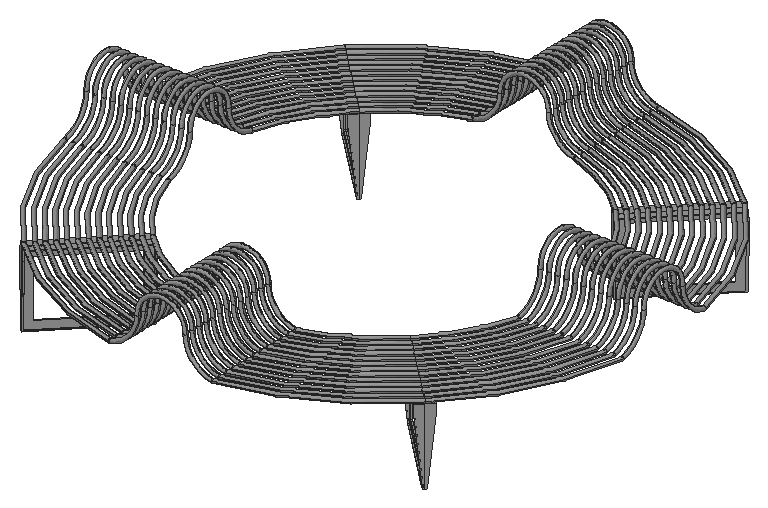
Revit family "Скамейка стальная вокруг дерева «Раструм Цикл» Арт 16759", category Антураж, Revit 2018
Family settings
  На основе рабочей плоскости = Нет
  Всегда вертикально = Да
  При загрузке вырезать с полостями = Нет
  Источник визуального образа = Геометрия семейства
  Общий = Нет
  Точка расчета площади = Нет
Parameters (values of type "Скамейка стальная вокруг дерева «Раструм Цикл»")
  Ширина = Диаметр  # 3310 mm
  Цвет лавки = Сталь
  Описание = "Скамейка стальная вокруг дерева «Раструм Цикл»"  # constant formula
  Материал изделия = "Сталь"  # constant formula
  Изображение типоразмера = Скамейка стальная вокруг дерева «Раструм Цикл» Арт 16759.jpg
  Изготовитель = "ООО «Хоббика»"  # constant formula
  Длина = Диаметр  # 3310 mm
  Диаметр = 3310 mm  # constant formula
  Группа модели = "Скамейки"  # constant formula
  Высота = 792 mm  # constant formula
  Артикул товара = "Арт. 16759"  # constant formula
  URL = "https://hobbyka.ru/product/skameyka_vokrug_dereva_stalnaya_rastrum_cycle/"
Reference planes
  plane 1 "По центру (Вперед/Назад)": y = 0
  plane 2: z = 0
  plane 3 "По центру (Влево/Вправо)": x = 0
  plane 4: y = 3310
  plane 5: x = 3310
  plane 6: z = 792
Forms (mm)
  Sweep 1, solid, material "Сталь"
    path origin (0, 0, 0) x (1, 0, 0) y (0, 1, 0)
      loop
        arc (484.738, 2825.262) -> (189.512, 2424.005) -> (27.064, 1953.073) r 1655
    profile origin (189.512, 2424.005, 0) x (0.885492, -0.464656, 0) y (0, 0, 1)
      loop
        circle (10, 450) r 10
  Sweep 2, solid, material "Сталь" <- "Цвет лавки"
    path origin (0, 0, 0) x (0, 1, 0) y (0, 0, 1)
      loop
        arc (1955, 460) -> (1847.333, 524.076) -> (1805, 642) r 185.413
        arc (1805, 642) -> (1655, 792) -> (1505, 642) r 150
        arc (1505, 642) -> (1462.667, 524.076) -> (1355, 460) r 185.413
    profile origin (0, 1655, 792) x (0, 0, -1) y (1, 0, 0)
      loop
        circle (10, 37.092) r 10
  Sweep 3, solid, material "Сталь"
    path origin (49.375, 0, 0) x (1, 0, 0) y (0, 1, 0)
      loop
        arc (470.406, 2790.219) -> (186.023, 2405.02) -> (27.921, 1953.073) r 1605
    profile origin (235.398, 2405.02, 0) x (0.884098, -0.467302, 0) y (0, 0, 1)
      loop
        circle (10, 450) r 10
  Sweep 4, solid, material "Сталь" <- "Цвет лавки"
    path origin (50, 0, 0) x (0, 1, 0) y (0, 0, 1)
      loop
        arc (1955, 460) -> (1847.333, 524.076) -> (1805, 642) r 185.413
        arc (1805, 642) -> (1655, 792) -> (1505, 642) r 150
        arc (1505, 642) -> (1462.667, 524.076) -> (1355, 460) r 185.413
    profile origin (50, 1655, 792) x (0, 0, -1) y (1, 0, 0)
      loop
        circle (10, 37.326) r 10
  Sweep 5, solid, material "Сталь"
    path origin (98.437, 0, 0) x (1, 0, 0) y (0, 1, 0)
      loop
        arc (456.23, 2755.332) -> (182.603, 2386.13) -> (28.836, 1953.073) r 1555
    profile origin (281.04, 2386.13, 0) x (0.882571, -0.47018, 0) y (0, 0, 1)
      loop
        circle (10, 450) r 10
  Sweep 6, solid, material "Сталь" <- "Цвет лавки"
    path origin (100, 0, 0) x (0, 1, 0) y (0, 0, 1)
      loop
        arc (1955, 460) -> (1847.333, 524.076) -> (1805, 642) r 185.413
        arc (1805, 642) -> (1655, 792) -> (1505, 642) r 150
        arc (1505, 642) -> (1462.667, 524.076) -> (1355, 460) r 185.413
    profile origin (100, 1655, 792) x (0, 0, -1) y (1, 0, 0)
      loop
        circle (10, 37.326) r 10
  Sweep 7, solid, material "Сталь"
    path origin (147.5, 0, 0) x (1, 0, 0) y (0, 1, 0)
      loop
        arc (442.055, 2720.445) -> (179.201, 2367.237) -> (29.813, 1953.073) r 1505
    profile origin (326.701, 2367.237, 0) x (0.88093, -0.473247, 0) y (0, 0, 1)
      loop
        circle (10, 450) r 10
  Sweep 8, solid, material "Сталь" <- "Цвет лавки"
    path origin (150, 0, 0) x (0, 1, 0) y (0, 0, 1)
      loop
        arc (1955, 460) -> (1847.333, 524.076) -> (1805, 642) r 185.413
        arc (1805, 642) -> (1655, 792) -> (1505, 642) r 150
        arc (1505, 642) -> (1462.667, 524.076) -> (1355, 460) r 185.413
    profile origin (150, 1655, 792) x (0, 0, -1) y (1, 0, 0)
      loop
        circle (10, 37.326) r 10
  Sweep 9, solid, material "Сталь"
    path origin (196.484, 0, 0) x (1, 0, 0) y (0, 1, 0)
      loop
        arc (427.919, 2685.597) -> (175.832, 2348.365) -> (30.859, 1953.073) r 1455
    profile origin (372.317, 2348.365, 0) x (0.879153, -0.47654, 0) y (0, 0, 1)
      loop
        circle (10, 450) r 10
  Sweep 10, solid, material "Сталь" <- "Цвет лавки"
    path origin (200, 0, 0) x (0, 1, 0) y (0, 0, 1)
      loop
        arc (1955, 460) -> (1847.333, 524.076) -> (1805, 642) r 185.413
        arc (1805, 642) -> (1655, 792) -> (1505, 642) r 150
        arc (1505, 642) -> (1462.667, 524.076) -> (1355, 460) r 185.413
    profile origin (200, 1655, 792) x (0, 0, -1) y (1, 0, 0)
      loop
        circle (10, 37.326) r 10
  Sweep 11, solid, material "Сталь"
    path origin (245.313, 0, 0) x (1, 0, 0) y (0, 1, 0)
      loop
        arc (413.861, 2650.826) -> (172.513, 2329.538) -> (31.982, 1953.073) r 1405
    profile origin (417.826, 2329.538, 0) x (0.877215, -0.480098, 0) y (0, 0, 1)
      loop
        circle (10, 450) r 10
  Sweep 12, solid, material "Сталь" <- "Цвет лавки"
    path origin (250, 0, 0) x (0, 1, 0) y (0, 0, 1)
      loop
        arc (1955, 460) -> (1847.333, 524.076) -> (1805, 642) r 185.413
        arc (1805, 642) -> (1655, 792) -> (1505, 642) r 150
        arc (1505, 642) -> (1462.667, 524.076) -> (1355, 460) r 185.413
    profile origin (250, 1655, 792) x (0, 0, -1) y (1, 0, 0)
      loop
        circle (10, 37.326) r 10
  Sweep 13, solid, material "Сталь"
    path origin (294.063, 0, 0) x (1, 0, 0) y (0, 1, 0)
      loop
        arc (399.844, 2616.094) -> (169.234, 2310.732) -> (33.192, 1953.073) r 1355
    profile origin (463.297, 2310.732, 0) x (0.875104, -0.483935, 0) y (0, 0, 1)
      loop
        circle (10, 450) r 10
  Sweep 14, solid, material "Сталь" <- "Цвет лавки"
    path origin (300, 0, 0) x (0, 1, 0) y (0, 0, 1)
      loop
        arc (1955, 460) -> (1847.333, 524.076) -> (1805, 642) r 185.413
        arc (1805, 642) -> (1655, 792) -> (1505, 642) r 150
        arc (1505, 642) -> (1462.667, 524.076) -> (1355, 460) r 185.413
    profile origin (300, 1655, 792) x (0, 0, -1) y (1, 0, 0)
      loop
        circle (10, 37.326) r 10
  Sweep 15, solid, material "Сталь"
    path origin (342.813, 0, 0) x (1, 0, 0) y (0, 1, 0)
      loop
        arc (385.826, 2581.361) -> (165.984, 2291.921) -> (34.497, 1953.073) r 1305
    profile origin (508.797, 2291.921, 0) x (0.872809, -0.488062, 0) y (0, 0, 1)
      loop
        circle (10, 450) r 10
  Sweep 16, solid, material "Сталь" <- "Цвет лавки"
    path origin (350, 0, 0) x (0, 1, 0) y (0, 0, 1)
      loop
        arc (1955, 460) -> (1847.333, 524.076) -> (1805, 642) r 185.413
        arc (1805, 642) -> (1655, 792) -> (1505, 642) r 150
        arc (1505, 642) -> (1462.667, 524.076) -> (1355, 460) r 185.413
    profile origin (350, 1655, 792) x (0, 0, -1) y (1, 0, 0)
      loop
        circle (10, 37.326) r 10
  Sweep 17, solid, material "Сталь"
    path origin (391.25, 0, 0) x (1, 0, 0) y (0, 1, 0)
      loop
        arc (371.967, 2546.783) -> (162.822, 2273.201) -> (35.911, 1953.073) r 1255
    profile origin (554.072, 2273.201, 0) x (0.870261, -0.492591, 0) y (0, 0, 1)
      loop
        circle (10, 450) r 10
  Sweep 18, solid, material "Сталь" <- "Цвет лавки"
    path origin (400, 0, 0) x (0, 1, 0) y (0, 0, 1)
      loop
        arc (1955, 460) -> (1847.333, 524.076) -> (1805, 642) r 185.413
        arc (1805, 642) -> (1655, 792) -> (1505, 642) r 150
        arc (1505, 642) -> (1462.667, 524.076) -> (1355, 460) r 185.413
    profile origin (400, 1655, 792) x (0, 0, -1) y (1, 0, 0)
      loop
        circle (10, 37.326) r 10
  Sweep 19, solid, material "Сталь"
    path origin (440, 0, 0) x (1, 0, 0) y (0, 1, 0)
      loop
        arc (357.951, 2512.049) -> (159.645, 2254.381) -> (37.448, 1953.073) r 1205
    profile origin (599.645, 2254.381, 0) x (0.867515, -0.497412, 0) y (0, 0, 1)
      loop
        circle (10, 450) r 10
  Sweep 20, solid, material "Сталь" <- "Цвет лавки"
    path origin (450, 0, 0) x (0, 1, 0) y (0, 0, 1)
      loop
        arc (1955, 460) -> (1847.333, 524.076) -> (1805, 642) r 185.413
        arc (1805, 642) -> (1655, 792) -> (1505, 642) r 150
        arc (1505, 642) -> (1462.667, 524.076) -> (1355, 460) r 185.413
    profile origin (450, 1655, 792) x (0, 0, -1) y (1, 0, 0)
      loop
        circle (10, 37.326) r 10
  Sweep 21, solid, material "Сталь"
    path origin (488.088, 0, 0) x (1, 0, 0) y (0, 1, 0)
      loop
        arc (344.269, 2477.642) -> (156.628, 2235.758) -> (39.125, 1953.073) r 1155
    profile origin (644.717, 2235.758, 0) x (0.864391, -0.50282, 0) y (0, 0, 1)
      loop
        circle (10, 450) r 10
  Sweep 22, solid, material "Сталь" <- "Цвет лавки"
    path origin (500, 0, 0) x (0, 1, 0) y (0, 0, 1)
      loop
        arc (1955, 460) -> (1847.333, 524.076) -> (1805, 642) r 185.413
        arc (1805, 642) -> (1655, 792) -> (1505, 642) r 150
        arc (1505, 642) -> (1462.667, 524.076) -> (1355, 460) r 185.413
    profile origin (500, 1655, 792) x (0, 0, -1) y (1, 0, 0)
      loop
        circle (10, 37.326) r 10
  Sweep 23, solid, material "Сталь"
    path origin (536.25, 0, 0) x (1, 0, 0) y (0, 1, 0)
      loop
        arc (330.552, 2443.198) -> (153.652, 2217.105) -> (40.962, 1953.073) r 1105
    profile origin (689.902, 2217.105, 0) x (0.860948, -0.508692, 0) y (0, 0, 1)
      loop
        circle (10, 450) r 10
  Sweep 24, solid, material "Сталь" <- "Цвет лавки"
    path origin (550, 0, 0) x (0, 1, 0) y (0, 0, 1)
      loop
        arc (1955, 460) -> (1847.333, 524.076) -> (1805, 642) r 185.413
        arc (1805, 642) -> (1655, 792) -> (1505, 642) r 150
        arc (1505, 642) -> (1462.667, 524.076) -> (1355, 460) r 185.413
    profile origin (550, 1655, 792) x (0, 0, -1) y (1, 0, 0)
      loop
        circle (10, 37.326) r 10
  Sweep 25, solid, material "Сталь"
    path origin (585, 0, 0) x (1, 0, 0) y (0, 1, 0)
      loop
        arc (316.54, 2408.46) -> (150.629, 2198.267) -> (42.984, 1953.073) r 1055
    profile origin (735.629, 2198.267, 0) x (0.857223, -0.514945, 0) y (0, 0, 1)
      loop
        circle (10, 450) r 10
  Sweep 26, solid, material "Сталь" <- "Цвет лавки"
    path origin (600, 0, 0) x (0, 1, 0) y (0, 0, 1)
      loop
        arc (1955, 460) -> (1847.333, 524.076) -> (1805, 642) r 185.413
        arc (1805, 642) -> (1655, 792) -> (1505, 642) r 150
        arc (1505, 642) -> (1462.667, 524.076) -> (1355, 460) r 185.413
    profile origin (600, 1655, 792) x (0, 0, -1) y (1, 0, 0)
      loop
        circle (10, 37.326) r 10
  Extrusion 27, solid, material "Сталь" <- "Цвет лавки"
    sketch origin (-685.523, 1655, 0) x (0.707107, 0.707107, 0) y (0, 0, 1)
      loop
        line (1655, 440) -> (1605, 440) -> (1605, 390) -> (1645, 0) -> (1655, 0) -> (1655, 440)
    from 0 to 610
  Extrusion 28, void
    sketch origin (-685.523, 1655, 0) x (0.707107, 0.707107, 0) y (0, 0, 1)
      loop
        line (1650, 435) -> (1605, 435) -> (1605, 390) -> (1644.487, 5) -> (1650, 5) -> (1650, 435)
    from 5 to 605
  Extrusion 29, void
    sketch origin (-685.523, 1655, 0) x (0.707107, 0.707107, 0) y (0, 0, 1)
      loop
        line (1655, 390) -> (1650, 390) -> (1650, 50) -> (1655, 50) -> (1655, 390)
    from 50 to 560
  Extrusion 30, solid, material "Сталь" <- "Цвет лавки", not visible
    sketch origin (685.523, 0, 0) x (0, 1, 0) y (0, 0, 1)
      loop
        line (1655, 440) -> (1605, 440) -> (1605, 390) -> (1645, 0) -> (1655, 0) -> (1655, 440)
    from 0 to 610
  Extrusion 31, void, not visible
    sketch origin (685.523, 0, 0) x (0, 1, 0) y (0, 0, 1)
      loop
        line (1650, 435) -> (1605, 435) -> (1605, 390) -> (1644.487, 5) -> (1650, 5) -> (1650, 435)
    from 5 to 605
  Extrusion 32, void, not visible
    sketch origin (685.523, 0, 0) x (0, 1, 0) y (0, 0, 1)
      loop
        line (1655, 390) -> (1650, 390) -> (1650, 50) -> (1655, 50) -> (1655, 390)
    from 50 to 560
  Sweep 33, solid, material "Сталь"
    path origin (0, 3310, 0) x (1, 0, 0) y (0, -1, 0)
      loop
        arc (484.738, 2825.262) -> (189.512, 2424.005) -> (27.064, 1953.073) r 1655
    profile origin (189.512, 885.995, 0) x (-0.885492, -0.464656, 0) y (0, 0, 1)
      loop
        circle (-10, 450) r 10
  Sweep 34, solid, material "Сталь"
    path origin (49.375, 3310, 0) x (1, 0, 0) y (0, -1, 0)
      loop
        arc (470.406, 2790.219) -> (186.023, 2405.02) -> (27.921, 1953.073) r 1605
    profile origin (235.398, 904.98, 0) x (-0.884098, -0.467302, 0) y (0, 0, 1)
      loop
        circle (-10, 450) r 10
  Sweep 35, solid, material "Сталь"
    path origin (98.438, 3310, 0) x (1, 0, 0) y (0, -1, 0)
      loop
        arc (456.23, 2755.332) -> (182.603, 2386.13) -> (28.836, 1953.073) r 1555
    profile origin (281.04, 923.87, 0) x (-0.882571, -0.47018, 0) y (0, 0, 1)
      loop
        circle (-10, 450) r 10
  Sweep 36, solid, material "Сталь"
    path origin (147.5, 3310, 0) x (1, 0, 0) y (0, -1, 0)
      loop
        arc (442.055, 2720.445) -> (179.201, 2367.237) -> (29.813, 1953.073) r 1505
    profile origin (326.701, 942.763, 0) x (-0.88093, -0.473247, 0) y (0, 0, 1)
      loop
        circle (-10, 450) r 10
  Sweep 37, solid, material "Сталь"
    path origin (196.484, 3310, 0) x (1, 0, 0) y (0, -1, 0)
      loop
        arc (427.919, 2685.597) -> (175.832, 2348.365) -> (30.859, 1953.073) r 1455
    profile origin (372.317, 961.635, 0) x (-0.879153, -0.47654, 0) y (0, 0, 1)
      loop
        circle (-10, 450) r 10
  Sweep 38, solid, material "Сталь"
    path origin (245.313, 3310, 0) x (1, 0, 0) y (0, -1, 0)
      loop
        arc (413.861, 2650.826) -> (172.513, 2329.538) -> (31.982, 1953.073) r 1405
    profile origin (417.826, 980.462, 0) x (-0.877215, -0.480098, 0) y (0, 0, 1)
      loop
        circle (-10, 450) r 10
  Sweep 39, solid, material "Сталь"
    path origin (294.063, 3310, 0) x (1, 0, 0) y (0, -1, 0)
      loop
        arc (399.844, 2616.094) -> (169.234, 2310.732) -> (33.192, 1953.073) r 1355
    profile origin (463.297, 999.268, 0) x (-0.875104, -0.483935, 0) y (0, 0, 1)
      loop
        circle (-10, 450) r 10
  Sweep 40, solid, material "Сталь"
    path origin (342.813, 3310, 0) x (1, 0, 0) y (0, -1, 0)
      loop
        arc (385.826, 2581.361) -> (165.984, 2291.921) -> (34.497, 1953.073) r 1305
    profile origin (508.797, 1018.079, 0) x (-0.872809, -0.488062, 0) y (0, 0, 1)
      loop
        circle (-10, 450) r 10
  Sweep 41, solid, material "Сталь"
    path origin (391.25, 3310, 0) x (1, 0, 0) y (0, -1, 0)
      loop
        arc (371.967, 2546.783) -> (162.822, 2273.201) -> (35.911, 1953.073) r 1255
    profile origin (554.072, 1036.799, 0) x (-0.870261, -0.492591, 0) y (0, 0, 1)
      loop
        circle (-10, 450) r 10
  Sweep 42, solid, material "Сталь"
    path origin (440, 3310, 0) x (1, 0, 0) y (0, -1, 0)
      loop
        arc (357.951, 2512.049) -> (159.645, 2254.381) -> (37.448, 1953.073) r 1205
    profile origin (599.645, 1055.619, 0) x (-0.867515, -0.497412, 0) y (0, 0, 1)
      loop
        circle (-10, 450) r 10
  Sweep 43, solid, material "Сталь"
    path origin (488.088, 3310, 0) x (1, 0, 0) y (0, -1, 0)
      loop
        arc (344.269, 2477.642) -> (156.628, 2235.758) -> (39.125, 1953.073) r 1155
    profile origin (644.717, 1074.242, 0) x (-0.864391, -0.50282, 0) y (0, 0, 1)
      loop
        circle (-10, 450) r 10
  Sweep 44, solid, material "Сталь"
    path origin (536.25, 3310, 0) x (1, 0, 0) y (0, -1, 0)
      loop
        arc (330.552, 2443.198) -> (153.652, 2217.105) -> (40.962, 1953.073) r 1105
    profile origin (689.902, 1092.895, 0) x (-0.860948, -0.508692, 0) y (0, 0, 1)
      loop
        circle (-10, 450) r 10
  Sweep 45, solid, material "Сталь"
    path origin (585, 3310, 0) x (1, 0, 0) y (0, -1, 0)
      loop
        arc (316.54, 2408.46) -> (150.629, 2198.267) -> (42.984, 1953.073) r 1055
    profile origin (735.629, 1111.733, 0) x (-0.857223, -0.514945, 0) y (0, 0, 1)
      loop
        circle (-10, 450) r 10
  Extrusion 46, solid, material "Сталь" <- "Цвет лавки"
    sketch origin (-685.523, 1655, 0) x (0.707107, -0.707107, 0) y (0, 0, -1)
      loop
        line (1655, -440) -> (1655, 0) -> (1645, 0) -> (1605, -390) -> (1605, -440) -> (1655, -440)
    from 0 to 610
  Extrusion 47, void
    sketch origin (-685.523, 1655, 0) x (0.707107, -0.707107, 0) y (0, 0, -1)
      loop
        line (1650, -435) -> (1650, -5) -> (1644.487, -5) -> (1605, -390) -> (1605, -435) -> (1650, -435)
    from 5 to 605
  Extrusion 48, void
    sketch origin (-685.523, 1655, 0) x (0.707107, -0.707107, 0) y (0, 0, -1)
      loop
        line (1655, -390) -> (1655, -50) -> (1650, -50) -> (1650, -390) -> (1655, -390)
    from 50 to 560
  Sweep 49, solid, material "Сталь"
    path origin (0, 3310, 0) x (0, -1, 0) y (1, 0, 0)
      loop
        arc (484.738, 2825.262) -> (189.512, 2424.005) -> (27.064, 1953.073) r 1655
    profile origin (2424.005, 3120.488, 0) x (-0.464656, -0.885492, 0) y (0, 0, 1)
      loop
        circle (10, 450) r 10
  Sweep 50, solid, material "Сталь" <- "Цвет лавки"
    path origin (0, 3310, 0) x (1, 0, 0) y (0, 0, 1)
      loop
        arc (1955, 460) -> (1847.333, 524.076) -> (1805, 642) r 185.413
        arc (1805, 642) -> (1655, 792) -> (1505, 642) r 150
        arc (1505, 642) -> (1462.667, 524.076) -> (1355, 460) r 185.413
    profile origin (1655, 3310, 792) x (0, 0, -1) y (0, -1, 0)
      loop
        circle (10, 37.092) r 10
  Sweep 51, solid, material "Сталь"
    path origin (0, 3260.625, 0) x (0, -1, 0) y (1, 0, 0)
      loop
        arc (470.406, 2790.219) -> (186.023, 2405.02) -> (27.921, 1953.073) r 1605
    profile origin (2405.02, 3074.602, 0) x (-0.467302, -0.884098, 0) y (0, 0, 1)
      loop
        circle (10, 450) r 10
  Sweep 52, solid, material "Сталь" <- "Цвет лавки"
    path origin (0, 3260, 0) x (1, 0, 0) y (0, 0, 1)
      loop
        arc (1955, 460) -> (1847.333, 524.076) -> (1805, 642) r 185.413
        arc (1805, 642) -> (1655, 792) -> (1505, 642) r 150
        arc (1505, 642) -> (1462.667, 524.076) -> (1355, 460) r 185.413
    profile origin (1655, 3260, 792) x (0, 0, -1) y (0, -1, 0)
      loop
        circle (10, 37.326) r 10
  Sweep 53, solid, material "Сталь"
    path origin (0, 3211.562, 0) x (0, -1, 0) y (1, 0, 0)
      loop
        arc (456.23, 2755.332) -> (182.603, 2386.13) -> (28.836, 1953.073) r 1555
    profile origin (2386.13, 3028.96, 0) x (-0.47018, -0.882571, 0) y (0, 0, 1)
      loop
        circle (10, 450) r 10
  Sweep 54, solid, material "Сталь" <- "Цвет лавки"
    path origin (0, 3210, 0) x (1, 0, 0) y (0, 0, 1)
      loop
        arc (1955, 460) -> (1847.333, 524.076) -> (1805, 642) r 185.413
        arc (1805, 642) -> (1655, 792) -> (1505, 642) r 150
        arc (1505, 642) -> (1462.667, 524.076) -> (1355, 460) r 185.413
    profile origin (1655, 3210, 792) x (0, 0, -1) y (0, -1, 0)
      loop
        circle (10, 37.326) r 10
  Sweep 55, solid, material "Сталь"
    path origin (0, 3162.5, 0) x (0, -1, 0) y (1, 0, 0)
      loop
        arc (442.055, 2720.445) -> (179.201, 2367.237) -> (29.813, 1953.073) r 1505
    profile origin (2367.237, 2983.299, 0) x (-0.473247, -0.88093, 0) y (0, 0, 1)
      loop
        circle (10, 450) r 10
  Sweep 56, solid, material "Сталь" <- "Цвет лавки"
    path origin (0, 3160, 0) x (1, 0, 0) y (0, 0, 1)
      loop
        arc (1955, 460) -> (1847.333, 524.076) -> (1805, 642) r 185.413
        arc (1805, 642) -> (1655, 792) -> (1505, 642) r 150
        arc (1505, 642) -> (1462.667, 524.076) -> (1355, 460) r 185.413
    profile origin (1655, 3160, 792) x (0, 0, -1) y (0, -1, 0)
      loop
        circle (10, 37.326) r 10
  Sweep 57, solid, material "Сталь"
    path origin (0, 3113.516, 0) x (0, -1, 0) y (1, 0, 0)
      loop
        arc (427.919, 2685.597) -> (175.832, 2348.365) -> (30.859, 1953.073) r 1455
    profile origin (2348.365, 2937.683, 0) x (-0.47654, -0.879153, 0) y (0, 0, 1)
      loop
        circle (10, 450) r 10
  Sweep 58, solid, material "Сталь" <- "Цвет лавки"
    path origin (0, 3110, 0) x (1, 0, 0) y (0, 0, 1)
      loop
        arc (1955, 460) -> (1847.333, 524.076) -> (1805, 642) r 185.413
        arc (1805, 642) -> (1655, 792) -> (1505, 642) r 150
        arc (1505, 642) -> (1462.667, 524.076) -> (1355, 460) r 185.413
    profile origin (1655, 3110, 792) x (0, 0, -1) y (0, -1, 0)
      loop
        circle (10, 37.326) r 10
  Sweep 59, solid, material "Сталь"
    path origin (0, 3064.687, 0) x (0, -1, 0) y (1, 0, 0)
      loop
        arc (413.861, 2650.826) -> (172.513, 2329.538) -> (31.982, 1953.073) r 1405
    profile origin (2329.538, 2892.174, 0) x (-0.480098, -0.877215, 0) y (0, 0, 1)
      loop
        circle (10, 450) r 10
  Sweep 60, solid, material "Сталь" <- "Цвет лавки"
    path origin (0, 3060, 0) x (1, 0, 0) y (0, 0, 1)
      loop
        arc (1955, 460) -> (1847.333, 524.076) -> (1805, 642) r 185.413
        arc (1805, 642) -> (1655, 792) -> (1505, 642) r 150
        arc (1505, 642) -> (1462.667, 524.076) -> (1355, 460) r 185.413
    profile origin (1655, 3060, 792) x (0, 0, -1) y (0, -1, 0)
      loop
        circle (10, 37.326) r 10
  Sweep 61, solid, material "Сталь"
    path origin (0, 3015.937, 0) x (0, -1, 0) y (1, 0, 0)
      loop
        arc (399.844, 2616.094) -> (169.234, 2310.732) -> (33.192, 1953.073) r 1355
    profile origin (2310.732, 2846.703, 0) x (-0.483935, -0.875104, 0) y (0, 0, 1)
      loop
        circle (10, 450) r 10
  Sweep 62, solid, material "Сталь" <- "Цвет лавки"
    path origin (0, 3010, 0) x (1, 0, 0) y (0, 0, 1)
      loop
        arc (1955, 460) -> (1847.333, 524.076) -> (1805, 642) r 185.413
        arc (1805, 642) -> (1655, 792) -> (1505, 642) r 150
        arc (1505, 642) -> (1462.667, 524.076) -> (1355, 460) r 185.413
    profile origin (1655, 3010, 792) x (0, 0, -1) y (0, -1, 0)
      loop
        circle (10, 37.326) r 10
  Sweep 63, solid, material "Сталь"
    path origin (0, 2967.187, 0) x (0, -1, 0) y (1, 0, 0)
      loop
        arc (385.826, 2581.361) -> (165.984, 2291.921) -> (34.497, 1953.073) r 1305
    profile origin (2291.921, 2801.203, 0) x (-0.488062, -0.872809, 0) y (0, 0, 1)
      loop
        circle (10, 450) r 10
  Sweep 64, solid, material "Сталь" <- "Цвет лавки"
    path origin (0, 2960, 0) x (1, 0, 0) y (0, 0, 1)
      loop
        arc (1955, 460) -> (1847.333, 524.076) -> (1805, 642) r 185.413
        arc (1805, 642) -> (1655, 792) -> (1505, 642) r 150
        arc (1505, 642) -> (1462.667, 524.076) -> (1355, 460) r 185.413
    profile origin (1655, 2960, 792) x (0, 0, -1) y (0, -1, 0)
      loop
        circle (10, 37.326) r 10
  Sweep 65, solid, material "Сталь"
    path origin (0, 2918.75, 0) x (0, -1, 0) y (1, 0, 0)
      loop
        arc (371.967, 2546.783) -> (162.822, 2273.201) -> (35.911, 1953.073) r 1255
    profile origin (2273.201, 2755.928, 0) x (-0.492591, -0.870261, 0) y (0, 0, 1)
      loop
        circle (10, 450) r 10
  Sweep 66, solid, material "Сталь" <- "Цвет лавки"
    path origin (0, 2910, 0) x (1, 0, 0) y (0, 0, 1)
      loop
        arc (1955, 460) -> (1847.333, 524.076) -> (1805, 642) r 185.413
        arc (1805, 642) -> (1655, 792) -> (1505, 642) r 150
        arc (1505, 642) -> (1462.667, 524.076) -> (1355, 460) r 185.413
    profile origin (1655, 2910, 792) x (0, 0, -1) y (0, -1, 0)
      loop
        circle (10, 37.326) r 10
  Sweep 67, solid, material "Сталь"
    path origin (0, 2870, 0) x (0, -1, 0) y (1, 0, 0)
      loop
        arc (357.951, 2512.049) -> (159.645, 2254.381) -> (37.448, 1953.073) r 1205
    profile origin (2254.381, 2710.355, 0) x (-0.497412, -0.867515, 0) y (0, 0, 1)
      loop
        circle (10, 450) r 10
  Sweep 68, solid, material "Сталь" <- "Цвет лавки"
    path origin (0, 2860, 0) x (1, 0, 0) y (0, 0, 1)
      loop
        arc (1955, 460) -> (1847.333, 524.076) -> (1805, 642) r 185.413
        arc (1805, 642) -> (1655, 792) -> (1505, 642) r 150
        arc (1505, 642) -> (1462.667, 524.076) -> (1355, 460) r 185.413
    profile origin (1655, 2860, 792) x (0, 0, -1) y (0, -1, 0)
      loop
        circle (10, 37.326) r 10
  Sweep 69, solid, material "Сталь"
    path origin (0, 2821.912, 0) x (0, -1, 0) y (1, 0, 0)
      loop
        arc (344.269, 2477.642) -> (156.628, 2235.758) -> (39.125, 1953.073) r 1155
    profile origin (2235.758, 2665.283, 0) x (-0.50282, -0.864391, 0) y (0, 0, 1)
      loop
        circle (10, 450) r 10
  Sweep 70, solid, material "Сталь" <- "Цвет лавки"
    path origin (0, 2810, 0) x (1, 0, 0) y (0, 0, 1)
      loop
        arc (1955, 460) -> (1847.333, 524.076) -> (1805, 642) r 185.413
        arc (1805, 642) -> (1655, 792) -> (1505, 642) r 150
        arc (1505, 642) -> (1462.667, 524.076) -> (1355, 460) r 185.413
    profile origin (1655, 2810, 792) x (0, 0, -1) y (0, -1, 0)
      loop
        circle (10, 37.326) r 10
  Sweep 71, solid, material "Сталь"
    path origin (0, 2773.75, 0) x (0, -1, 0) y (1, 0, 0)
      loop
        arc (330.552, 2443.198) -> (153.652, 2217.105) -> (40.962, 1953.073) r 1105
    profile origin (2217.105, 2620.098, 0) x (-0.508692, -0.860948, 0) y (0, 0, 1)
      loop
        circle (10, 450) r 10
  Sweep 72, solid, material "Сталь" <- "Цвет лавки"
    path origin (0, 2760, 0) x (1, 0, 0) y (0, 0, 1)
      loop
        arc (1955, 460) -> (1847.333, 524.076) -> (1805, 642) r 185.413
        arc (1805, 642) -> (1655, 792) -> (1505, 642) r 150
        arc (1505, 642) -> (1462.667, 524.076) -> (1355, 460) r 185.413
    profile origin (1655, 2760, 792) x (0, 0, -1) y (0, -1, 0)
      loop
        circle (10, 37.326) r 10
  Sweep 73, solid, material "Сталь"
    path origin (0, 2725, 0) x (0, -1, 0) y (1, 0, 0)
      loop
        arc (316.54, 2408.46) -> (150.629, 2198.267) -> (42.984, 1953.073) r 1055
    profile origin (2198.267, 2574.371, 0) x (-0.514945, -0.857223, 0) y (0, 0, 1)
      loop
        circle (10, 450) r 10
  Sweep 74, solid, material "Сталь" <- "Цвет лавки"
    path origin (0, 2710, 0) x (1, 0, 0) y (0, 0, 1)
      loop
        arc (1955, 460) -> (1847.333, 524.076) -> (1805, 642) r 185.413
        arc (1805, 642) -> (1655, 792) -> (1505, 642) r 150
        arc (1505, 642) -> (1462.667, 524.076) -> (1355, 460) r 185.413
    profile origin (1655, 2710, 792) x (0, 0, -1) y (0, -1, 0)
      loop
        circle (10, 37.326) r 10
  Extrusion 75, solid, material "Сталь" <- "Цвет лавки"
    sketch origin (1655, 3995.523, 0) x (0.707107, -0.707107, 0) y (0, 0, 1)
      loop
        line (1655, 440) -> (1605, 440) -> (1605, 390) -> (1645, 0) -> (1655, 0) -> (1655, 440)
    from 0 to 610
  Extrusion 76, void
    sketch origin (1655, 3995.523, 0) x (0.707107, -0.707107, 0) y (0, 0, 1)
      loop
        line (1650, 435) -> (1605, 435) -> (1605, 390) -> (1644.487, 5) -> (1650, 5) -> (1650, 435)
    from 5 to 605
  Extrusion 77, void
    sketch origin (1655, 3995.523, 0) x (0.707107, -0.707107, 0) y (0, 0, 1)
      loop
        line (1655, 390) -> (1650, 390) -> (1650, 50) -> (1655, 50) -> (1655, 390)
    from 50 to 560
  Sweep 78, solid, material "Сталь"
    path origin (3310, 3310, 0) x (0, -1, 0) y (1, 0, 0)
      loop
        arc (484.738, -2825.262) -> (189.512, -2424.005) -> (27.064, -1953.073) r 1655
    profile origin (885.995, 3120.488, 0) x (-0.464656, 0.885492, 0) y (0, 0, 1)
      loop
        circle (-10, 450) r 10
  Sweep 79, solid, material "Сталь"
    path origin (3310, 3260.625, 0) x (0, -1, 0) y (1, 0, 0)
      loop
        arc (470.406, -2790.219) -> (186.023, -2405.02) -> (27.921, -1953.073) r 1605
    profile origin (904.98, 3074.602, 0) x (-0.467302, 0.884098, 0) y (0, 0, 1)
      loop
        circle (-10, 450) r 10
  Sweep 80, solid, material "Сталь"
    path origin (3310, 3211.562, 0) x (0, -1, 0) y (1, 0, 0)
      loop
        arc (456.23, -2755.332) -> (182.603, -2386.13) -> (28.836, -1953.073) r 1555
    profile origin (923.87, 3028.96, 0) x (-0.47018, 0.882571, 0) y (0, 0, 1)
      loop
        circle (-10, 450) r 10
  Sweep 81, solid, material "Сталь"
    path origin (3310, 3162.5, 0) x (0, -1, 0) y (1, 0, 0)
      loop
        arc (442.055, -2720.445) -> (179.201, -2367.237) -> (29.813, -1953.073) r 1505
    profile origin (942.763, 2983.299, 0) x (-0.473247, 0.88093, 0) y (0, 0, 1)
      loop
        circle (-10, 450) r 10
  Sweep 82, solid, material "Сталь"
    path origin (3310, 3113.516, 0) x (0, -1, 0) y (1, 0, 0)
      loop
        arc (427.919, -2685.597) -> (175.832, -2348.365) -> (30.859, -1953.073) r 1455
    profile origin (961.635, 2937.683, 0) x (-0.47654, 0.879153, 0) y (0, 0, 1)
      loop
        circle (-10, 450) r 10
  Sweep 83, solid, material "Сталь"
    path origin (3310, 3064.687, 0) x (0, -1, 0) y (1, 0, 0)
      loop
        arc (413.861, -2650.826) -> (172.513, -2329.538) -> (31.982, -1953.073) r 1405
    profile origin (980.462, 2892.174, 0) x (-0.480098, 0.877215, 0) y (0, 0, 1)
      loop
        circle (-10, 450) r 10
  Sweep 84, solid, material "Сталь"
    path origin (3310, 3015.937, 0) x (0, -1, 0) y (1, 0, 0)
      loop
        arc (399.844, -2616.094) -> (169.234, -2310.732) -> (33.192, -1953.073) r 1355
    profile origin (999.268, 2846.703, 0) x (-0.483935, 0.875104, 0) y (0, 0, 1)
      loop
        circle (-10, 450) r 10
  Sweep 85, solid, material "Сталь"
    path origin (3310, 2967.187, 0) x (0, -1, 0) y (1, 0, 0)
      loop
        arc (385.826, -2581.361) -> (165.984, -2291.921) -> (34.497, -1953.073) r 1305
    profile origin (1018.079, 2801.203, 0) x (-0.488062, 0.872809, 0) y (0, 0, 1)
      loop
        circle (-10, 450) r 10
  Sweep 86, solid, material "Сталь"
    path origin (3310, 2918.75, 0) x (0, -1, 0) y (1, 0, 0)
      loop
        arc (371.967, -2546.783) -> (162.822, -2273.201) -> (35.911, -1953.073) r 1255
    profile origin (1036.799, 2755.928, 0) x (-0.492591, 0.870261, 0) y (0, 0, 1)
      loop
        circle (-10, 450) r 10
  Sweep 87, solid, material "Сталь"
    path origin (3310, 2870, 0) x (0, -1, 0) y (1, 0, 0)
      loop
        arc (357.951, -2512.049) -> (159.645, -2254.381) -> (37.448, -1953.073) r 1205
    profile origin (1055.619, 2710.355, 0) x (-0.497412, 0.867515, 0) y (0, 0, 1)
      loop
        circle (-10, 450) r 10
  Sweep 88, solid, material "Сталь"
    path origin (3310, 2821.912, 0) x (0, -1, 0) y (1, 0, 0)
      loop
        arc (344.269, -2477.642) -> (156.628, -2235.758) -> (39.125, -1953.073) r 1155
    profile origin (1074.242, 2665.283, 0) x (-0.50282, 0.864391, 0) y (0, 0, 1)
      loop
        circle (-10, 450) r 10
  Sweep 89, solid, material "Сталь"
    path origin (3310, 2773.75, 0) x (0, -1, 0) y (1, 0, 0)
      loop
        arc (330.552, -2443.198) -> (153.652, -2217.105) -> (40.962, -1953.073) r 1105
    profile origin (1092.895, 2620.098, 0) x (-0.508692, 0.860948, 0) y (0, 0, 1)
      loop
        circle (-10, 450) r 10
  Sweep 90, solid, material "Сталь"
    path origin (3310, 2725, 0) x (0, -1, 0) y (1, 0, 0)
      loop
        arc (316.54, -2408.46) -> (150.629, -2198.267) -> (42.984, -1953.073) r 1055
    profile origin (1111.733, 2574.371, 0) x (-0.514945, 0.857223, 0) y (0, 0, 1)
      loop
        circle (-10, 450) r 10
  Extrusion 91, solid, material "Сталь" <- "Цвет лавки"
    sketch origin (1655, 3995.523, 0) x (-0.707107, -0.707107, 0) y (0, 0, -1)
      loop
        line (1655, -440) -> (1655, 0) -> (1645, 0) -> (1605, -390) -> (1605, -440) -> (1655, -440)
    from 0 to 610
  Extrusion 92, void
    sketch origin (1655, 3995.523, 0) x (-0.707107, -0.707107, 0) y (0, 0, -1)
      loop
        line (1650, -435) -> (1650, -5) -> (1644.487, -5) -> (1605, -390) -> (1605, -435) -> (1650, -435)
    from 5 to 605
  Extrusion 93, void
    sketch origin (1655, 3995.523, 0) x (-0.707107, -0.707107, 0) y (0, 0, -1)
      loop
        line (1655, -390) -> (1655, -50) -> (1650, -50) -> (1650, -390) -> (1655, -390)
    from 50 to 560
  Sweep 94, solid, material "Сталь"
    path origin (3310, 3310, 0) x (-1, 0, 0) y (0, -1, 0)
      loop
        arc (484.738, 2825.262) -> (189.512, 2424.005) -> (27.064, 1953.073) r 1655
    profile origin (3120.488, 885.995, 0) x (-0.885492, 0.464656, 0) y (0, 0, 1)
      loop
        circle (10, 450) r 10
  Sweep 95, solid, material "Сталь" <- "Цвет лавки"
    path origin (3310, 3310, 0) x (0, -1, 0) y (0, 0, 1)
      loop
        arc (1955, 460) -> (1847.333, 524.076) -> (1805, 642) r 185.413
        arc (1805, 642) -> (1655, 792) -> (1505, 642) r 150
        arc (1505, 642) -> (1462.667, 524.076) -> (1355, 460) r 185.413
    profile origin (3310, 1655, 792) x (0, 0, -1) y (-1, 0, 0)
      loop
        circle (10, 37.092) r 10
  Sweep 96, solid, material "Сталь"
    path origin (3260.625, 3310, 0) x (-1, 0, 0) y (0, -1, 0)
      loop
        arc (470.406, 2790.219) -> (186.023, 2405.02) -> (27.921, 1953.073) r 1605
    profile origin (3074.602, 904.98, 0) x (-0.884098, 0.467302, 0) y (0, 0, 1)
      loop
        circle (10, 450) r 10
  Sweep 97, solid, material "Сталь" <- "Цвет лавки"
    path origin (3260, 3310, 0) x (0, -1, 0) y (0, 0, 1)
      loop
        arc (1955, 460) -> (1847.333, 524.076) -> (1805, 642) r 185.413
        arc (1805, 642) -> (1655, 792) -> (1505, 642) r 150
        arc (1505, 642) -> (1462.667, 524.076) -> (1355, 460) r 185.413
    profile origin (3260, 1655, 792) x (0, 0, -1) y (-1, 0, 0)
      loop
        circle (10, 37.326) r 10
  Sweep 98, solid, material "Сталь"
    path origin (3211.562, 3310, 0) x (-1, 0, 0) y (0, -1, 0)
      loop
        arc (456.23, 2755.332) -> (182.603, 2386.13) -> (28.836, 1953.073) r 1555
    profile origin (3028.96, 923.87, 0) x (-0.882571, 0.47018, 0) y (0, 0, 1)
      loop
        circle (10, 450) r 10
  Sweep 99, solid, material "Сталь" <- "Цвет лавки"
    path origin (3210, 3310, 0) x (0, -1, 0) y (0, 0, 1)
      loop
        arc (1955, 460) -> (1847.333, 524.076) -> (1805, 642) r 185.413
        arc (1805, 642) -> (1655, 792) -> (1505, 642) r 150
        arc (1505, 642) -> (1462.667, 524.076) -> (1355, 460) r 185.413
    profile origin (3210, 1655, 792) x (0, 0, -1) y (-1, 0, 0)
      loop
        circle (10, 37.326) r 10
  Sweep 100, solid, material "Сталь"
    path origin (3162.5, 3310, 0) x (-1, 0, 0) y (0, -1, 0)
      loop
        arc (442.055, 2720.445) -> (179.201, 2367.237) -> (29.813, 1953.073) r 1505
    profile origin (2983.299, 942.763, 0) x (-0.88093, 0.473247, 0) y (0, 0, 1)
      loop
        circle (10, 450) r 10
  Sweep 101, solid, material "Сталь" <- "Цвет лавки"
    path origin (3160, 3310, 0) x (0, -1, 0) y (0, 0, 1)
      loop
        arc (1955, 460) -> (1847.333, 524.076) -> (1805, 642) r 185.413
        arc (1805, 642) -> (1655, 792) -> (1505, 642) r 150
        arc (1505, 642) -> (1462.667, 524.076) -> (1355, 460) r 185.413
    profile origin (3160, 1655, 792) x (0, 0, -1) y (-1, 0, 0)
      loop
        circle (10, 37.326) r 10
  Sweep 102, solid, material "Сталь"
    path origin (3113.516, 3310, 0) x (-1, 0, 0) y (0, -1, 0)
      loop
        arc (427.919, 2685.597) -> (175.832, 2348.365) -> (30.859, 1953.073) r 1455
    profile origin (2937.683, 961.635, 0) x (-0.879153, 0.47654, 0) y (0, 0, 1)
      loop
        circle (10, 450) r 10
  Sweep 103, solid, material "Сталь" <- "Цвет лавки"
    path origin (3110, 3310, 0) x (0, -1, 0) y (0, 0, 1)
      loop
        arc (1955, 460) -> (1847.333, 524.076) -> (1805, 642) r 185.413
        arc (1805, 642) -> (1655, 792) -> (1505, 642) r 150
        arc (1505, 642) -> (1462.667, 524.076) -> (1355, 460) r 185.413
    profile origin (3110, 1655, 792) x (0, 0, -1) y (-1, 0, 0)
      loop
        circle (10, 37.326) r 10
  Sweep 104, solid, material "Сталь"
    path origin (3064.687, 3310, 0) x (-1, 0, 0) y (0, -1, 0)
      loop
        arc (413.861, 2650.826) -> (172.513, 2329.538) -> (31.982, 1953.073) r 1405
    profile origin (2892.174, 980.462, 0) x (-0.877215, 0.480098, 0) y (0, 0, 1)
      loop
        circle (10, 450) r 10
  Sweep 105, solid, material "Сталь" <- "Цвет лавки"
    path origin (3060, 3310, 0) x (0, -1, 0) y (0, 0, 1)
      loop
        arc (1955, 460) -> (1847.333, 524.076) -> (1805, 642) r 185.413
        arc (1805, 642) -> (1655, 792) -> (1505, 642) r 150
        arc (1505, 642) -> (1462.667, 524.076) -> (1355, 460) r 185.413
    profile origin (3060, 1655, 792) x (0, 0, -1) y (-1, 0, 0)
      loop
        circle (10, 37.326) r 10
  Sweep 106, solid, material "Сталь"
    path origin (3015.937, 3310, 0) x (-1, 0, 0) y (0, -1, 0)
      loop
        arc (399.844, 2616.094) -> (169.234, 2310.732) -> (33.192, 1953.073) r 1355
    profile origin (2846.703, 999.268, 0) x (-0.875104, 0.483935, 0) y (0, 0, 1)
      loop
        circle (10, 450) r 10
  Sweep 107, solid, material "Сталь" <- "Цвет лавки"
    path origin (3010, 3310, 0) x (0, -1, 0) y (0, 0, 1)
      loop
        arc (1955, 460) -> (1847.333, 524.076) -> (1805, 642) r 185.413
        arc (1805, 642) -> (1655, 792) -> (1505, 642) r 150
        arc (1505, 642) -> (1462.667, 524.076) -> (1355, 460) r 185.413
    profile origin (3010, 1655, 792) x (0, 0, -1) y (-1, 0, 0)
      loop
        circle (10, 37.326) r 10
  Sweep 108, solid, material "Сталь"
    path origin (2967.187, 3310, 0) x (-1, 0, 0) y (0, -1, 0)
      loop
        arc (385.826, 2581.361) -> (165.984, 2291.921) -> (34.497, 1953.073) r 1305
    profile origin (2801.203, 1018.079, 0) x (-0.872809, 0.488062, 0) y (0, 0, 1)
      loop
        circle (10, 450) r 10
  Sweep 109, solid, material "Сталь" <- "Цвет лавки"
    path origin (2960, 3310, 0) x (0, -1, 0) y (0, 0, 1)
      loop
        arc (1955, 460) -> (1847.333, 524.076) -> (1805, 642) r 185.413
        arc (1805, 642) -> (1655, 792) -> (1505, 642) r 150
        arc (1505, 642) -> (1462.667, 524.076) -> (1355, 460) r 185.413
    profile origin (2960, 1655, 792) x (0, 0, -1) y (-1, 0, 0)
      loop
        circle (10, 37.326) r 10
  Sweep 110, solid, material "Сталь"
    path origin (2918.75, 3310, 0) x (-1, 0, 0) y (0, -1, 0)
      loop
        arc (371.967, 2546.783) -> (162.822, 2273.201) -> (35.911, 1953.073) r 1255
    profile origin (2755.928, 1036.799, 0) x (-0.870261, 0.492591, 0) y (0, 0, 1)
      loop
        circle (10, 450) r 10
  Sweep 111, solid, material "Сталь" <- "Цвет лавки"
    path origin (2910, 3310, 0) x (0, -1, 0) y (0, 0, 1)
      loop
        arc (1955, 460) -> (1847.333, 524.076) -> (1805, 642) r 185.413
        arc (1805, 642) -> (1655, 792) -> (1505, 642) r 150
        arc (1505, 642) -> (1462.667, 524.076) -> (1355, 460) r 185.413
    profile origin (2910, 1655, 792) x (0, 0, -1) y (-1, 0, 0)
      loop
        circle (10, 37.326) r 10
  Sweep 112, solid, material "Сталь"
    path origin (2870, 3310, 0) x (-1, 0, 0) y (0, -1, 0)
      loop
        arc (357.951, 2512.049) -> (159.645, 2254.381) -> (37.448, 1953.073) r 1205
    profile origin (2710.355, 1055.619, 0) x (-0.867515, 0.497412, 0) y (0, 0, 1)
      loop
        circle (10, 450) r 10
  Sweep 113, solid, material "Сталь" <- "Цвет лавки"
    path origin (2860, 3310, 0) x (0, -1, 0) y (0, 0, 1)
      loop
        arc (1955, 460) -> (1847.333, 524.076) -> (1805, 642) r 185.413
        arc (1805, 642) -> (1655, 792) -> (1505, 642) r 150
        arc (1505, 642) -> (1462.667, 524.076) -> (1355, 460) r 185.413
    profile origin (2860, 1655, 792) x (0, 0, -1) y (-1, 0, 0)
      loop
        circle (10, 37.326) r 10
  Sweep 114, solid, material "Сталь"
    path origin (2821.912, 3310, 0) x (-1, 0, 0) y (0, -1, 0)
      loop
        arc (344.269, 2477.642) -> (156.628, 2235.758) -> (39.125, 1953.073) r 1155
    profile origin (2665.283, 1074.242, 0) x (-0.864391, 0.50282, 0) y (0, 0, 1)
      loop
        circle (10, 450) r 10
  Sweep 115, solid, material "Сталь" <- "Цвет лавки"
    path origin (2810, 3310, 0) x (0, -1, 0) y (0, 0, 1)
      loop
        arc (1955, 460) -> (1847.333, 524.076) -> (1805, 642) r 185.413
        arc (1805, 642) -> (1655, 792) -> (1505, 642) r 150
        arc (1505, 642) -> (1462.667, 524.076) -> (1355, 460) r 185.413
    profile origin (2810, 1655, 792) x (0, 0, -1) y (-1, 0, 0)
      loop
        circle (10, 37.326) r 10
  Sweep 116, solid, material "Сталь"
    path origin (2773.75, 3310, 0) x (-1, 0, 0) y (0, -1, 0)
      loop
        arc (330.552, 2443.198) -> (153.652, 2217.105) -> (40.962, 1953.073) r 1105
    profile origin (2620.098, 1092.895, 0) x (-0.860948, 0.508692, 0) y (0, 0, 1)
      loop
        circle (10, 450) r 10
  Sweep 117, solid, material "Сталь" <- "Цвет лавки"
    path origin (2760, 3310, 0) x (0, -1, 0) y (0, 0, 1)
      loop
        arc (1955, 460) -> (1847.333, 524.076) -> (1805, 642) r 185.413
        arc (1805, 642) -> (1655, 792) -> (1505, 642) r 150
        arc (1505, 642) -> (1462.667, 524.076) -> (1355, 460) r 185.413
    profile origin (2760, 1655, 792) x (0, 0, -1) y (-1, 0, 0)
      loop
        circle (10, 37.326) r 10
  Sweep 118, solid, material "Сталь"
    path origin (2725, 3310, 0) x (-1, 0, 0) y (0, -1, 0)
      loop
        arc (316.54, 2408.46) -> (150.629, 2198.267) -> (42.984, 1953.073) r 1055
    profile origin (2574.371, 1111.733, 0) x (-0.857223, 0.514945, 0) y (0, 0, 1)
      loop
        circle (10, 450) r 10
  Sweep 119, solid, material "Сталь" <- "Цвет лавки"
    path origin (2710, 3310, 0) x (0, -1, 0) y (0, 0, 1)
      loop
        arc (1955, 460) -> (1847.333, 524.076) -> (1805, 642) r 185.413
        arc (1805, 642) -> (1655, 792) -> (1505, 642) r 150
        arc (1505, 642) -> (1462.667, 524.076) -> (1355, 460) r 185.413
    profile origin (2710, 1655, 792) x (0, 0, -1) y (-1, 0, 0)
      loop
        circle (10, 37.326) r 10
  Extrusion 120, solid, material "Сталь" <- "Цвет лавки"
    sketch origin (3995.523, 1655, 0) x (-0.707107, -0.707107, 0) y (0, 0, 1)
      loop
        line (1655, 440) -> (1605, 440) -> (1605, 390) -> (1645, 0) -> (1655, 0) -> (1655, 440)
    from 0 to 610
  Extrusion 121, void
    sketch origin (3995.523, 1655, 0) x (-0.707107, -0.707107, 0) y (0, 0, 1)
      loop
        line (1650, 435) -> (1605, 435) -> (1605, 390) -> (1644.487, 5) -> (1650, 5) -> (1650, 435)
    from 5 to 605
  Extrusion 122, void
    sketch origin (3995.523, 1655, 0) x (-0.707107, -0.707107, 0) y (0, 0, 1)
      loop
        line (1655, 390) -> (1650, 390) -> (1650, 50) -> (1655, 50) -> (1655, 390)
    from 50 to 560
  Sweep 123, solid, material "Сталь"
    path origin (3310, 0, 0) x (-1, 0, 0) y (0, -1, 0)
      loop
        arc (484.738, -2825.262) -> (189.512, -2424.005) -> (27.064, -1953.073) r 1655
    profile origin (3120.488, 2424.005, 0) x (0.885492, 0.464656, 0) y (0, 0, 1)
      loop
        circle (-10, 450) r 10
  Sweep 124, solid, material "Сталь"
    path origin (3260.625, 0, 0) x (-1, 0, 0) y (0, -1, 0)
      loop
        arc (470.406, -2790.219) -> (186.023, -2405.02) -> (27.921, -1953.073) r 1605
    profile origin (3074.602, 2405.02, 0) x (0.884098, 0.467302, 0) y (0, 0, 1)
      loop
        circle (-10, 450) r 10
  Sweep 125, solid, material "Сталь"
    path origin (3211.562, 0, 0) x (-1, 0, 0) y (0, -1, 0)
      loop
        arc (456.23, -2755.332) -> (182.603, -2386.13) -> (28.836, -1953.073) r 1555
    profile origin (3028.96, 2386.13, 0) x (0.882571, 0.47018, 0) y (0, 0, 1)
      loop
        circle (-10, 450) r 10
  Sweep 126, solid, material "Сталь"
    path origin (3162.5, 0, 0) x (-1, 0, 0) y (0, -1, 0)
      loop
        arc (442.055, -2720.445) -> (179.201, -2367.237) -> (29.813, -1953.073) r 1505
    profile origin (2983.299, 2367.237, 0) x (0.88093, 0.473247, 0) y (0, 0, 1)
      loop
        circle (-10, 450) r 10
  Sweep 127, solid, material "Сталь"
    path origin (3113.516, 0, 0) x (-1, 0, 0) y (0, -1, 0)
      loop
        arc (427.919, -2685.597) -> (175.832, -2348.365) -> (30.859, -1953.073) r 1455
    profile origin (2937.683, 2348.365, 0) x (0.879153, 0.47654, 0) y (0, 0, 1)
      loop
        circle (-10, 450) r 10
  Sweep 128, solid, material "Сталь"
    path origin (3064.687, 0, 0) x (-1, 0, 0) y (0, -1, 0)
      loop
        arc (413.861, -2650.826) -> (172.513, -2329.538) -> (31.982, -1953.073) r 1405
    profile origin (2892.174, 2329.538, 0) x (0.877215, 0.480098, 0) y (0, 0, 1)
      loop
        circle (-10, 450) r 10
  Sweep 129, solid, material "Сталь"
    path origin (3015.937, 0, 0) x (-1, 0, 0) y (0, -1, 0)
      loop
        arc (399.844, -2616.094) -> (169.234, -2310.732) -> (33.192, -1953.073) r 1355
    profile origin (2846.703, 2310.732, 0) x (0.875104, 0.483935, 0) y (0, 0, 1)
      loop
        circle (-10, 450) r 10
  Sweep 130, solid, material "Сталь"
    path origin (2967.187, 0, 0) x (-1, 0, 0) y (0, -1, 0)
      loop
        arc (385.826, -2581.361) -> (165.984, -2291.921) -> (34.497, -1953.073) r 1305
    profile origin (2801.203, 2291.921, 0) x (0.872809, 0.488062, 0) y (0, 0, 1)
      loop
        circle (-10, 450) r 10
  Sweep 131, solid, material "Сталь"
    path origin (2918.75, 0, 0) x (-1, 0, 0) y (0, -1, 0)
      loop
        arc (371.967, -2546.783) -> (162.822, -2273.201) -> (35.911, -1953.073) r 1255
    profile origin (2755.928, 2273.201, 0) x (0.870261, 0.492591, 0) y (0, 0, 1)
      loop
        circle (-10, 450) r 10
  Sweep 132, solid, material "Сталь"
    path origin (2870, 0, 0) x (-1, 0, 0) y (0, -1, 0)
      loop
        arc (357.951, -2512.049) -> (159.645, -2254.381) -> (37.448, -1953.073) r 1205
    profile origin (2710.355, 2254.381, 0) x (0.867515, 0.497412, 0) y (0, 0, 1)
      loop
        circle (-10, 450) r 10
  Sweep 133, solid, material "Сталь"
    path origin (2821.912, 0, 0) x (-1, 0, 0) y (0, -1, 0)
      loop
        arc (344.269, -2477.642) -> (156.628, -2235.758) -> (39.125, -1953.073) r 1155
    profile origin (2665.283, 2235.758, 0) x (0.864391, 0.50282, 0) y (0, 0, 1)
      loop
        circle (-10, 450) r 10
  Sweep 134, solid, material "Сталь"
    path origin (2773.75, 0, 0) x (-1, 0, 0) y (0, -1, 0)
      loop
        arc (330.552, -2443.198) -> (153.652, -2217.105) -> (40.962, -1953.073) r 1105
    profile origin (2620.098, 2217.105, 0) x (0.860948, 0.508692, 0) y (0, 0, 1)
      loop
        circle (-10, 450) r 10
  Sweep 135, solid, material "Сталь"
    path origin (2725, 0, 0) x (-1, 0, 0) y (0, -1, 0)
      loop
        arc (316.54, -2408.46) -> (150.629, -2198.267) -> (42.984, -1953.073) r 1055
    profile origin (2574.371, 2198.267, 0) x (0.857223, 0.514945, 0) y (0, 0, 1)
      loop
        circle (-10, 450) r 10
  Extrusion 136, solid, material "Сталь" <- "Цвет лавки"
    sketch origin (3995.523, 1655, 0) x (-0.707107, 0.707107, 0) y (0, 0, -1)
      loop
        line (1655, -440) -> (1655, 0) -> (1645, 0) -> (1605, -390) -> (1605, -440) -> (1655, -440)
    from 0 to 610
  Extrusion 137, void
    sketch origin (3995.523, 1655, 0) x (-0.707107, 0.707107, 0) y (0, 0, -1)
      loop
        line (1650, -435) -> (1650, -5) -> (1644.487, -5) -> (1605, -390) -> (1605, -435) -> (1650, -435)
    from 5 to 605
  Extrusion 138, void
    sketch origin (3995.523, 1655, 0) x (-0.707107, 0.707107, 0) y (0, 0, -1)
      loop
        line (1655, -390) -> (1655, -50) -> (1650, -50) -> (1650, -390) -> (1655, -390)
    from 50 to 560
  Sweep 139, solid, material "Сталь"
    path origin (3310, 0, 0) x (0, 1, 0) y (-1, 0, 0)
      loop
        arc (484.738, 2825.262) -> (189.512, 2424.005) -> (27.064, 1953.073) r 1655
    profile origin (885.995, 189.512, 0) x (0.464656, 0.885492, 0) y (0, 0, 1)
      loop
        circle (10, 450) r 10
  Sweep 140, solid, material "Сталь" <- "Цвет лавки"
    path origin (3310, 0, 0) x (-1, 0, 0) y (0, 0, 1)
      loop
        arc (1955, 460) -> (1847.333, 524.076) -> (1805, 642) r 185.413
        arc (1805, 642) -> (1655, 792) -> (1505, 642) r 150
        arc (1505, 642) -> (1462.667, 524.076) -> (1355, 460) r 185.413
    profile origin (1655, 0, 792) x (0, 0, -1) y (0, 1, 0)
      loop
        circle (10, 37.092) r 10
  Sweep 141, solid, material "Сталь"
    path origin (3310, 49.375, 0) x (0, 1, 0) y (-1, 0, 0)
      loop
        arc (470.406, 2790.219) -> (186.023, 2405.02) -> (27.921, 1953.073) r 1605
    profile origin (904.98, 235.398, 0) x (0.467302, 0.884098, 0) y (0, 0, 1)
      loop
        circle (10, 450) r 10
  Sweep 142, solid, material "Сталь" <- "Цвет лавки"
    path origin (3310, 50, 0) x (-1, 0, 0) y (0, 0, 1)
      loop
        arc (1955, 460) -> (1847.333, 524.076) -> (1805, 642) r 185.413
        arc (1805, 642) -> (1655, 792) -> (1505, 642) r 150
        arc (1505, 642) -> (1462.667, 524.076) -> (1355, 460) r 185.413
    profile origin (1655, 50, 792) x (0, 0, -1) y (0, 1, 0)
      loop
        circle (10, 37.326) r 10
  Sweep 143, solid, material "Сталь"
    path origin (3310, 98.438, 0) x (0, 1, 0) y (-1, 0, 0)
      loop
        arc (456.23, 2755.332) -> (182.603, 2386.13) -> (28.836, 1953.073) r 1555
    profile origin (923.87, 281.04, 0) x (0.47018, 0.882571, 0) y (0, 0, 1)
      loop
        circle (10, 450) r 10
  Sweep 144, solid, material "Сталь" <- "Цвет лавки"
    path origin (3310, 100, 0) x (-1, 0, 0) y (0, 0, 1)
      loop
        arc (1955, 460) -> (1847.333, 524.076) -> (1805, 642) r 185.413
        arc (1805, 642) -> (1655, 792) -> (1505, 642) r 150
        arc (1505, 642) -> (1462.667, 524.076) -> (1355, 460) r 185.413
    profile origin (1655, 100, 792) x (0, 0, -1) y (0, 1, 0)
      loop
        circle (10, 37.326) r 10
  Sweep 145, solid, material "Сталь"
    path origin (3310, 147.5, 0) x (0, 1, 0) y (-1, 0, 0)
      loop
        arc (442.055, 2720.445) -> (179.201, 2367.237) -> (29.813, 1953.073) r 1505
    profile origin (942.763, 326.701, 0) x (0.473247, 0.88093, 0) y (0, 0, 1)
      loop
        circle (10, 450) r 10
  Sweep 146, solid, material "Сталь" <- "Цвет лавки"
    path origin (3310, 150, 0) x (-1, 0, 0) y (0, 0, 1)
      loop
        arc (1955, 460) -> (1847.333, 524.076) -> (1805, 642) r 185.413
        arc (1805, 642) -> (1655, 792) -> (1505, 642) r 150
        arc (1505, 642) -> (1462.667, 524.076) -> (1355, 460) r 185.413
    profile origin (1655, 150, 792) x (0, 0, -1) y (0, 1, 0)
      loop
        circle (10, 37.326) r 10
  Sweep 147, solid, material "Сталь"
    path origin (3310, 196.484, 0) x (0, 1, 0) y (-1, 0, 0)
      loop
        arc (427.919, 2685.597) -> (175.832, 2348.365) -> (30.859, 1953.073) r 1455
    profile origin (961.635, 372.317, 0) x (0.47654, 0.879153, 0) y (0, 0, 1)
      loop
        circle (10, 450) r 10
  Sweep 148, solid, material "Сталь" <- "Цвет лавки"
    path origin (3310, 200, 0) x (-1, 0, 0) y (0, 0, 1)
      loop
        arc (1955, 460) -> (1847.333, 524.076) -> (1805, 642) r 185.413
        arc (1805, 642) -> (1655, 792) -> (1505, 642) r 150
        arc (1505, 642) -> (1462.667, 524.076) -> (1355, 460) r 185.413
    profile origin (1655, 200, 792) x (0, 0, -1) y (0, 1, 0)
      loop
        circle (10, 37.326) r 10
  Sweep 149, solid, material "Сталь"
    path origin (3310, 245.313, 0) x (0, 1, 0) y (-1, 0, 0)
      loop
        arc (413.861, 2650.826) -> (172.513, 2329.538) -> (31.982, 1953.073) r 1405
    profile origin (980.462, 417.826, 0) x (0.480098, 0.877215, 0) y (0, 0, 1)
      loop
        circle (10, 450) r 10
  Sweep 150, solid, material "Сталь" <- "Цвет лавки"
    path origin (3310, 250, 0) x (-1, 0, 0) y (0, 0, 1)
      loop
        arc (1955, 460) -> (1847.333, 524.076) -> (1805, 642) r 185.413
        arc (1805, 642) -> (1655, 792) -> (1505, 642) r 150
        arc (1505, 642) -> (1462.667, 524.076) -> (1355, 460) r 185.413
    profile origin (1655, 250, 792) x (0, 0, -1) y (0, 1, 0)
      loop
        circle (10, 37.326) r 10
  Sweep 151, solid, material "Сталь"
    path origin (3310, 294.063, 0) x (0, 1, 0) y (-1, 0, 0)
      loop
        arc (399.844, 2616.094) -> (169.234, 2310.732) -> (33.192, 1953.073) r 1355
    profile origin (999.268, 463.297, 0) x (0.483935, 0.875104, 0) y (0, 0, 1)
      loop
        circle (10, 450) r 10
  Sweep 152, solid, material "Сталь" <- "Цвет лавки"
    path origin (3310, 300, 0) x (-1, 0, 0) y (0, 0, 1)
      loop
        arc (1955, 460) -> (1847.333, 524.076) -> (1805, 642) r 185.413
        arc (1805, 642) -> (1655, 792) -> (1505, 642) r 150
        arc (1505, 642) -> (1462.667, 524.076) -> (1355, 460) r 185.413
    profile origin (1655, 300, 792) x (0, 0, -1) y (0, 1, 0)
      loop
        circle (10, 37.326) r 10
  Sweep 153, solid, material "Сталь"
    path origin (3310, 342.813, 0) x (0, 1, 0) y (-1, 0, 0)
      loop
        arc (385.826, 2581.361) -> (165.984, 2291.921) -> (34.497, 1953.073) r 1305
    profile origin (1018.079, 508.797, 0) x (0.488062, 0.872809, 0) y (0, 0, 1)
      loop
        circle (10, 450) r 10
  Sweep 154, solid, material "Сталь" <- "Цвет лавки"
    path origin (3310, 350, 0) x (-1, 0, 0) y (0, 0, 1)
      loop
        arc (1955, 460) -> (1847.333, 524.076) -> (1805, 642) r 185.413
        arc (1805, 642) -> (1655, 792) -> (1505, 642) r 150
        arc (1505, 642) -> (1462.667, 524.076) -> (1355, 460) r 185.413
    profile origin (1655, 350, 792) x (0, 0, -1) y (0, 1, 0)
      loop
        circle (10, 37.326) r 10
  Sweep 155, solid, material "Сталь"
    path origin (3310, 391.25, 0) x (0, 1, 0) y (-1, 0, 0)
      loop
        arc (371.967, 2546.783) -> (162.822, 2273.201) -> (35.911, 1953.073) r 1255
    profile origin (1036.799, 554.072, 0) x (0.492591, 0.870261, 0) y (0, 0, 1)
      loop
        circle (10, 450) r 10
  Sweep 156, solid, material "Сталь" <- "Цвет лавки"
    path origin (3310, 400, 0) x (-1, 0, 0) y (0, 0, 1)
      loop
        arc (1955, 460) -> (1847.333, 524.076) -> (1805, 642) r 185.413
        arc (1805, 642) -> (1655, 792) -> (1505, 642) r 150
        arc (1505, 642) -> (1462.667, 524.076) -> (1355, 460) r 185.413
    profile origin (1655, 400, 792) x (0, 0, -1) y (0, 1, 0)
      loop
        circle (10, 37.326) r 10
  Sweep 157, solid, material "Сталь"
    path origin (3310, 440, 0) x (0, 1, 0) y (-1, 0, 0)
      loop
        arc (357.951, 2512.049) -> (159.645, 2254.381) -> (37.448, 1953.073) r 1205
    profile origin (1055.619, 599.645, 0) x (0.497412, 0.867515, 0) y (0, 0, 1)
      loop
        circle (10, 450) r 10
  Sweep 158, solid, material "Сталь" <- "Цвет лавки"
    path origin (3310, 450, 0) x (-1, 0, 0) y (0, 0, 1)
      loop
        arc (1955, 460) -> (1847.333, 524.076) -> (1805, 642) r 185.413
        arc (1805, 642) -> (1655, 792) -> (1505, 642) r 150
        arc (1505, 642) -> (1462.667, 524.076) -> (1355, 460) r 185.413
    profile origin (1655, 450, 792) x (0, 0, -1) y (0, 1, 0)
      loop
        circle (10, 37.326) r 10
  Sweep 159, solid, material "Сталь"
    path origin (3310, 488.088, 0) x (0, 1, 0) y (-1, 0, 0)
      loop
        arc (344.269, 2477.642) -> (156.628, 2235.758) -> (39.125, 1953.073) r 1155
    profile origin (1074.242, 644.717, 0) x (0.50282, 0.864391, 0) y (0, 0, 1)
      loop
        circle (10, 450) r 10
  Sweep 160, solid, material "Сталь" <- "Цвет лавки"
    path origin (3310, 500, 0) x (-1, 0, 0) y (0, 0, 1)
      loop
        arc (1955, 460) -> (1847.333, 524.076) -> (1805, 642) r 185.413
        arc (1805, 642) -> (1655, 792) -> (1505, 642) r 150
        arc (1505, 642) -> (1462.667, 524.076) -> (1355, 460) r 185.413
    profile origin (1655, 500, 792) x (0, 0, -1) y (0, 1, 0)
      loop
        circle (10, 37.326) r 10
  Sweep 161, solid, material "Сталь"
    path origin (3310, 536.25, 0) x (0, 1, 0) y (-1, 0, 0)
      loop
        arc (330.552, 2443.198) -> (153.652, 2217.105) -> (40.962, 1953.073) r 1105
    profile origin (1092.895, 689.902, 0) x (0.508692, 0.860948, 0) y (0, 0, 1)
      loop
        circle (10, 450) r 10
